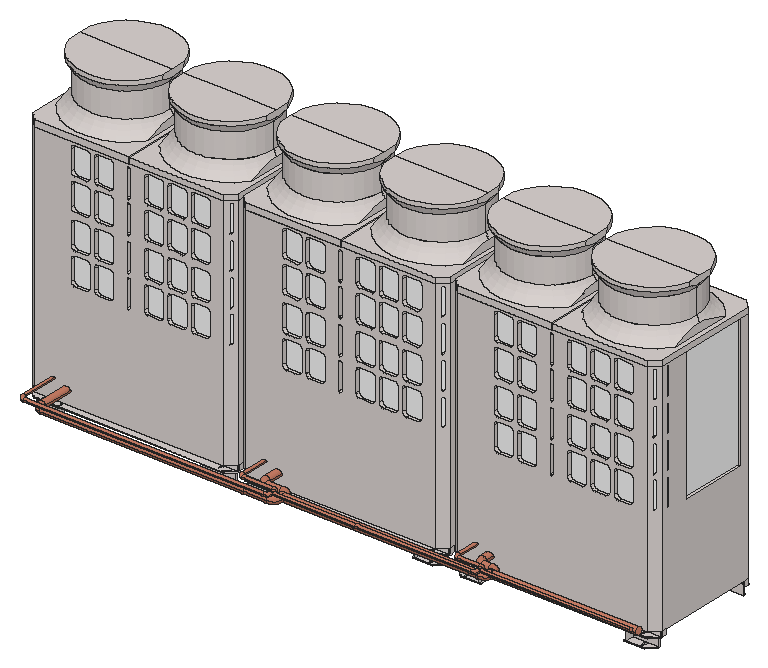
Revit family "PUHY-EP1200YSNW-A", category Mechanical Equipment, Revit 2012
Parameters (values of type "PUHY-EP1200YSNW-A_415V_60Hz")
  Sound Pressure Level (dB(A)) Heating mode = 70.5
  Sound Pressure Level (dB(A)) Cooling mode = 70
  Model = "PUHY-EP1200YSNW-A"
  Width = 3780 mm
  WarrantyStart = ""
  Voltage = 415 V
  Unit Weight (kg) = 915
  URL = "http://www.mitsubishielectric.com/"
  Temp. range of heating (Outdoor temp.) (W.B.) = "-20.0 to 15.5"
  Temp. range of heating (Indoor temp.) (D.B.) = "15.0 to 27.0"
  TagNumber = 0
  Subcategory = "HVAC"
  Space View = yes
  SerialNumber = 0
  ReplacementYear = ""
  Refrigerant type = "R410A"
  Refrigerant Charge (kg) = 32.4
  Protection Devices_Inverter circuit (COMP./FAN) = "Over-heat protection, Over-current protection"
  Protection Devices_High pressure (MPa) = "High pressure sensor, High pressure switch at 4.15"
  Phase = 3
  Manufacturer = "Mitsubishi Electric Corporation"
  Outdoor unit 3 = PUHY-EP400YNW-A : PUHY-EP400YNW-A
  Outdoor unit 2 = PUHY-EP400YNW-A : PUHY-EP400YNW-A
  Outdoor unit 1 = PUHY-EP400YNW-A : PUHY-EP400YNW-A
  Note_1 = "Refrigerant pipe diameters may change depending on the installation condition. Please refer to the installation manual."
  Maximum Circuit Ampacity (A) = 84.6
  Liquid pipe_radius = 9.525 mm
  InstallationDate = ""
  Indoor Unit Total Capacity = "50 to 130% of outdoor unit capacity"
  Indoor Unit Model/Quantity = "P15 to P250/3 to 50"
  Hertz = 60 Hz
  Height = 1858 mm
  Heating Power Input (kW) = 38.34
  Heating Current (A) = 59.2
  Heating Capacity (kW) = 150
  Heating COP (kW/kW) = 3.91
  Gas pipe_radius = 20.64 mm
  Fan_Type = "Propeller Fan"
  Fan_Quantity = 6
  Fan Motor Output (kW) = 2.76
  External static pressure (Pa) = 0
  External Finish = "Pre-coated galvanized steel sheets (+powder coating for -BS type) <MUNSELL 5Y 8/1 or similar>"
  Equip_description = ""
  Equip_No. = 0
  Equip_ID = ""
  Description = ""
  Depth = 740 mm
  CreatedOn = ""
  CreatedBy = ""
  Cooling Power Input (kW) = 32.58
  Cooling EER (kW/kW) = 4.17
  Cooling Current (A) = 50.3
  Cooling Capacity (kW) = 136
  Compressor_Type = "Inverter scroll hermetic compressor"
  Compressor_Quantity = 3
  Compressor_Lubricant = "MEL32"
  Compressor Motor Output (kW) = 32.7
  Category = ""
  Barcode = ""
  AssetIdentifier = ""
  Airflow Rate (m3/min) = 810
  Airflow Rate (m3/h) = 48600
Reference planes
  plane 1 "Center (Front/Back)": y = 0
  plane 2: z = 0
  plane 3 "Center (Left/Right)": x = 0
  plane 4: y = 370
  plane 5 "front": y = -370
  plane 6: x = -1890
  plane 7: x = 1890
  plane 8: x = -620
  plane 9: x = 620
  plane 10: x = -650
  plane 11: x = 650
  plane 12: y = 370
  plane 13: y = -370
  plane 14: z = 1858
  plane 15: x = -1647
  plane 16: x = -1730.603
  plane 17: x = -377
  plane 18: x = -460
  plane 19: x = 893
  plane 20: x = 810
Forms (mm)
  Sweep 1, solid, material "Copper"
    path origin (-51.563, 17.925, 207.255) x (0, -1, 0) y (1, 0, 0)
      loop
        line (380, -1679.039) -> (605, -1679.039)
        arc (605, -1679.039) -> (626.213, -1670.253) -> (635, -1649.039) r 30
        line (635, -1649.039) -> (635, -208.337)
        arc (635, -208.337) -> (629.142, -194.195) -> (615, -188.337) r 20
        line (615, -188.337) -> (590, -188.337)
        arc (590, -188.337) -> (575.858, -194.195) -> (570, -208.337) r 20
        line (570, -208.337) -> (570, -388.437)
        arc (570, -388.437) -> (564.142, -402.579) -> (550, -408.437) r 20
        line (550, -408.437) -> (380, -408.437)
    profile origin (-1730.603, -474.575, 207.255) x (1, 0, 0) y (0, 0, 1)
      loop
        circle (0, 0) r 9.525
  Sweep 2, solid, material "Copper"
    path origin (-48.859, 17.925, 173.255) x (-1, 0, 0) y (0, -1, 0)
      loop
        line (1598.141, 380) -> (1598.141, 575)
        arc (1598.141, 575) -> (1587.889, 599.749) -> (1563.141, 610) r 35
        line (1563.141, 610) -> (342, 610) -> (204.723, 610)
        arc (204.723, 610) -> (179.974, 599.749) -> (169.723, 575) r 35
        line (169.723, 575) -> (169.723, 545)
        arc (169.723, 545) -> (179.974, 520.251) -> (204.723, 510) r 35
        line (204.723, 510) -> (293.141, 510)
        arc (293.141, 510) -> (317.889, 499.749) -> (328.141, 475) r 35
        line (328.141, 475) -> (328.141, 380)
    profile origin (-1647, -459.575, 173.255) x (1, 0, 0) y (0, 0, 1)
      loop
        circle (0, 0) r 20.64
  Sweep 3, solid, material "Copper"
    path origin (214.685, 17.925, 207.255) x (0, -1, 0) y (1, 0, 0)
      loop
        line (605, -448.702) -> (605, 51.298) -> (605, 745.315)
        arc (605, 745.315) -> (599.142, 759.457) -> (585, 765.315) r 20
        line (585, 765.315) -> (560.96, 765.315)
        arc (560.96, 765.315) -> (546.818, 759.457) -> (540.96, 745.315) r 20
        line (540.96, 745.315) -> (540.96, 615.315)
        arc (540.96, 615.315) -> (535.102, 601.172) -> (520.96, 595.315) r 20
        line (520.96, 595.315) -> (380, 595.315)
    profile origin (15.984, -587.075, 207.255) x (0, 1, 0) y (0, 0, 1)
      loop
        circle (0, 0) r 9.525
  Sweep 4, solid, material "Copper"
    path origin (188.125, 17.925, 173.255) x (-1, 0, 0) y (0, -1, 0)
      loop
        line (395.125, 555.96) -> (-784.875, 555.96)
        arc (-784.875, 555.96) -> (-809.623, 545.709) -> (-819.875, 520.96) r 35
        line (-819.875, 520.96) -> (-819.875, 510)
        arc (-819.875, 510) -> (-809.623, 485.251) -> (-784.875, 475) r 35
        line (-784.875, 475) -> (-739.875, 475)
        arc (-739.875, 475) -> (-715.126, 464.749) -> (-704.875, 440) r 35
        line (-704.875, 440) -> (-704.875, 380)
    profile origin (383, -538.035, 173.255) x (0, 1, 0) y (0, 0, 1)
      loop
        circle (0, 0) r 20.64
  Sweep 5, solid, material "Copper"
    path origin (114.685, 17.925, 207.255) x (0, -1, 0) y (1, 0, 0)
      loop
        line (572.806, 870.315) -> (572.806, 1775.315)
    profile origin (1437.5, -554.881, 207.255) x (0, 1, 0) y (0, 0, 1)
      loop
        circle (0, 0) r 9.525
  Sweep 6, solid, material "Copper"
    path origin (88.125, 17.925, 173.255) x (-1, 0, 0) y (0, -1, 0)
      loop
        line (-921.875, 515.995) -> (-1801.875, 515.995)
    profile origin (1450, -498.07, 173.255) x (0, 1, 0) y (0, 0, 1)
      loop
        circle (0, 0) r 20.64
Dimensions and locks
  nested 2 to nested 1 = 30 mm
  nested 1 to nested 1 = 1240 mm
  nested 2 to nested 2 = 1240 mm
  plane 6 to plane 3 "Center (Left/Right)" to plane 7 = 1890 mm, 1890 mm
  "Liquid pipe_radius": radius of Sweep 5 sketch curve
  "Gas pipe_radius": radius of Sweep 6 sketch curve
  aligned and locked: level to plane 2
Automatic sketch dimensions
  Sweep 1 sketch curve to plane 5 "front" = 7.925 mm  (x2)
  plane 5 "front" to Sweep 1 sketch curve = 162.075 mm
  Sweep 1 sketch curve to plane 3 "Center (Left/Right)" = 259.9 mm
  Sweep 1 sketch curve to Sweep 1 sketch curve = 20 mm
  Sweep 1 sketch curve to plane 3 "Center (Left/Right)" = 239.9 mm
  plane 5 "front" to Sweep 1 sketch curve = 217.075 mm
  Sweep 1 sketch curve to Sweep 1 sketch curve = 25 mm
  Sweep 1 sketch curve to Sweep 1 sketch curve = 30 mm
  Sweep 1 sketch curve to plane 3 "Center (Left/Right)" = 440 mm
  profile plane to Sweep 1 sketch curve = 0 mm
  Sweep 1 sketch curve to profile plane = 0 mm
  Sweep 2 sketch curve to plane 3 "Center (Left/Right)" = 218.582 mm
  Sweep 2 sketch curve to plane 3 "Center (Left/Right)" = 253.582 mm  (x2)
  Sweep 2 sketch curve to plane 3 "Center (Left/Right)" = 342 mm
  Sweep 2 sketch curve to plane 3 "Center (Left/Right)" = 390.859 mm
  Sweep 2 sketch curve to Sweep 2 sketch curve = 35 mm  (x2)
  plane 5 "front" to Sweep 2 sketch curve = 222.075 mm
  Sweep 2 sketch curve to Sweep 2 sketch curve = 30 mm
  Sweep 2 sketch curve to plane 5 "front" = 7.925 mm  (x2)
  profile plane to Sweep 2 sketch curve = 0 mm
  Sweep 2 sketch curve to profile plane = 0 mm
  Sweep 3 sketch curve to profile plane = 0 mm  (x2)
  Sweep 4 sketch curve to profile plane = 0 mm  (x2)
  Sweep 5 sketch curve to profile plane = 0 mm  (x2)
  Sweep 6 sketch curve to profile plane = 0 mm  (x2)
  Sweep 1 sketch curve to Sweep 1 sketch curve = 1240.603 mm
  Sweep 2 sketch curve to Sweep 2 sketch curve = 1235 mm
  Sweep 3 sketch curve to plane 20 = 0 mm
  Sweep 3 sketch curve to plane 5 "front" = 7.925 mm
  plane 20 to Sweep 3 sketch curve = 20 mm
  plane 5 "front" to Sweep 3 sketch curve = 133.035 mm
  Sweep 3 sketch curve to Sweep 3 sketch curve = 20 mm
  Sweep 3 sketch curve to Sweep 3 sketch curve = 24.04 mm
  plane 5 "front" to Sweep 3 sketch curve = 217.075 mm
  plane 3 "Center (Left/Right)" to Sweep 3 sketch curve = 265.984 mm
  plane 17 to Sweep 3 sketch curve = 142.984 mm
  plane 19 to Sweep 3 sketch curve = 67 mm
  Sweep 4 sketch curve to plane 19 = 0 mm
  plane 19 to Sweep 4 sketch curve = 35 mm
  Sweep 4 sketch curve to Sweep 4 sketch curve = 45 mm
  Sweep 4 sketch curve to Sweep 4 sketch curve = 0 mm
  Sweep 4 sketch curve to Sweep 4 sketch curve = 35 mm
  plane 17 to Sweep 4 sketch curve = 170 mm
  Sweep 4 sketch curve to plane 5 "front" = 7.925 mm
  plane 5 "front" to Sweep 4 sketch curve = 52.075 mm
  Sweep 4 sketch curve to Sweep 4 sketch curve = 10.96 mm
  Sweep 6 sketch curve to plane 7 = 0 mm
  plane 19 to Sweep 6 sketch curve = 117 mm
  plane 5 "front" to Sweep 6 sketch curve = 128.07 mm
  Sweep 5 sketch curve to plane 7 = 0 mm
  plane 5 "front" to Sweep 5 sketch curve = 184.881 mm
  plane 19 to Sweep 5 sketch curve = 92 mm
  radius of Sweep 1 sketch curve = 9.525 mm
  radius of Sweep 2 sketch curve = 20.64 mm
  radius of Sweep 3 sketch curve = 9.525 mm
  radius of Sweep 4 sketch curve = 20.64 mm
Nested families
  nested 1: "PUHY-EP400YNW-A" at (0, 0, 0), type <- "Outdoor unit 2", type "PUHY-EP400YNW-A"
  nested 2: "PUHY-EP400YNW-A" at (-1270, 0, 0), type <- "Outdoor unit 1", type "PUHY-EP400YNW-A"
  nested 3: "PUHY-EP400YNW-A" at (1270, 0, 0), type <- "Outdoor unit 3", type "PUHY-EP400YNW-A"
Connectors
  piping at (1890, -498.07, 173.255), driven by "Gas pipe_radius"
    settings: on Sweep 6, index 1, connector radius 20.64 mm, flow factor 0, pipe flow 0.0 L/s, pressure drop 0.0 Pa, fitting loss kfactor 0, connector angle 0.00°, fixture units 0, engagement length 0 mm, flow configuration 0, flow direction 0, fitting loss method 0, system type 22, joint type 0, gender type 0, connector reference index -1, connector utility 0, adjustable connector no, is connector primary yes, fitting loss table "", connector description "Indoor unit-Twinning pipe(Gas)"
  piping at (1890, -554.881, 207.255), driven by "Liquid pipe_radius"
    settings: on Sweep 5, index 2, connector radius 9.525 mm, flow factor 0, pipe flow 0.0 L/s, pressure drop 0.0 Pa, fitting loss kfactor 0, connector angle 0.00°, fixture units 0, engagement length 0 mm, flow configuration 0, flow direction 0, fitting loss method 0, system type 22, joint type 0, gender type 0, connector reference index -1, connector utility 0, adjustable connector no, is connector primary no, fitting loss table "", connector description "Indoor unit-Twinning pipe(Liquid)"
  electrical at (992, -370, 279), driven by "Phase", driven by "Voltage"
    settings: index 3, voltage 415 V, apparent load 0 VA, apparent load phase1 0 VA, apparent load phase2 0 VA, apparent load phase3 0 VA, power factor 1, load classification "その他", number of poles 3, system type 30, power factor state 1, is connector primary yes, connector utility no, sub classification motor no, connector description ""
  electrical at (-258, -370, 279), driven by "Phase", driven by "Voltage"
    settings: index 4, voltage 415 V, apparent load 0 VA, apparent load phase1 0 VA, apparent load phase2 0 VA, apparent load phase3 0 VA, power factor 1, load classification "その他", number of poles 3, system type 30, power factor state 1, is connector primary no, connector utility no, sub classification motor no, connector description ""
  electrical at (-1508, -370, 279), driven by "Phase", driven by "Voltage"
    settings: index 5, voltage 415 V, apparent load 0 VA, apparent load phase1 0 VA, apparent load phase2 0 VA, apparent load phase3 0 VA, power factor 1, load classification "その他", number of poles 3, system type 30, power factor state 1, is connector primary no, connector utility no, sub classification motor no, connector description ""
Definition of nested family "PUHY-EP400YNW-A"
  Parameters (values of type "PUHY-P400YNW-A")
    Model = "PUHY-P400YNW-A"
    URL = "http://www.mitsubishielectric.com/"
    Manufacturer = "Mitsubishi Electric Corporation"
    Liquid pipe_radius = 12.7 mm
    Gas pipe_radius = 14.29 mm
  Reference planes
    plane 1 "Center (Front/Back)": y = 0
    plane 2: z = 0
    plane 3 "Center (Left/Right)": x = 0
    plane 4: y = 370
    plane 5: z = 1858
    plane 6: y = -260
    plane 7: y = -204
    plane 8: y = -185
    plane 9: x = -620
    plane 10: x = 620
    plane 11: x = -620
    plane 12: z = 716
    plane 13: x = -524
    plane 14: z = 669
    plane 15: x = -50.5
    plane 16: x = 51
    plane 17: x = 489
    plane 18: x = 467
    plane 19 "132": x = 488
    plane 20 "100": z = 160
    plane 21: z = 185
    plane 22: x = 413
    plane 23: x = 364
    plane 24: z = 150
    plane 25: x = -287.25
    plane 26: x = -137.25
    plane 27: x = -272.25
    plane 28: y = -278
    plane 29: z = 1509
    plane 30: y = -370
    plane 31: x = -530
    plane 32: x = 530
    plane 33 "179": y = -191
  Forms (mm)
    Extrusion 1, solid, material "Paint_5Y 8/1"
      sketch origin (-1, 0, 113) x (-1, 0, 0) y (0, -1, 0)
        loop
          line (569, -370) -> (619, -320) -> (619, 320) -> (569, 370) -> (-571, 370) -> (-621, 320) -> (-621, -320) -> (-571, -370) -> (569, -370)
      from -18 to 1408
    Extrusion 2, void
      sketch origin (524, -370, 113) x (1, 0, 0) y (0, 0, -1)
        loop
          arc (-60.8, -1393.5) -> (-42.557, -1385.943) -> (-35, -1367.7) r 25.8
          line (-35, -1367.7) -> (-35, -1248.5)
          arc (-35, -1248.5) -> (-42.557, -1230.257) -> (-60.8, -1222.7) r 25.8
          line (-60.8, -1222.7) -> (-126, -1222.7)
          arc (-126, -1222.7) -> (-144.243, -1230.257) -> (-151.8, -1248.5) r 25.8
          line (-151.8, -1248.5) -> (-151.8, -1367.7)
          arc (-151.8, -1367.7) -> (-144.243, -1385.943) -> (-126, -1393.5) r 25.8
          line (-126, -1393.5) -> (-60.8, -1393.5)
      from 0 to 20
    Extrusion 3, void
      sketch origin (524, -370, -81) x (1, 0, 0) y (0, 0, -1)
        loop
          arc (-60.8, -1393.5) -> (-42.557, -1385.943) -> (-35, -1367.7) r 25.8
          line (-35, -1367.7) -> (-35, -1248.5)
          arc (-35, -1248.5) -> (-42.557, -1230.257) -> (-60.8, -1222.7) r 25.8
          line (-60.8, -1222.7) -> (-126, -1222.7)
          arc (-126, -1222.7) -> (-144.243, -1230.257) -> (-151.8, -1248.5) r 25.8
          line (-151.8, -1248.5) -> (-151.8, -1367.7)
          arc (-151.8, -1367.7) -> (-144.243, -1385.943) -> (-126, -1393.5) r 25.8
          line (-126, -1393.5) -> (-60.8, -1393.5)
      from 0 to 20
    Extrusion 4, void
      sketch origin (524, -370, -287) x (1, 0, 0) y (0, 0, -1)
        loop
          arc (-60.8, -1393.5) -> (-42.557, -1385.943) -> (-35, -1367.7) r 25.8
          line (-35, -1367.7) -> (-35, -1248.5)
          arc (-35, -1248.5) -> (-42.557, -1230.257) -> (-60.8, -1222.7) r 25.8
          line (-60.8, -1222.7) -> (-126, -1222.7)
          arc (-126, -1222.7) -> (-144.243, -1230.257) -> (-151.8, -1248.5) r 25.8
          line (-151.8, -1248.5) -> (-151.8, -1367.7)
          arc (-151.8, -1367.7) -> (-144.243, -1385.943) -> (-126, -1393.5) r 25.8
          line (-126, -1393.5) -> (-60.8, -1393.5)
      from 0 to 20
    Extrusion 5, void
      sketch origin (524, -370, -481) x (1, 0, 0) y (0, 0, -1)
        loop
          arc (-60.8, -1393.5) -> (-42.557, -1385.943) -> (-35, -1367.7) r 25.8
          line (-35, -1367.7) -> (-35, -1248.5)
          arc (-35, -1248.5) -> (-42.557, -1230.257) -> (-60.8, -1222.7) r 25.8
          line (-60.8, -1222.7) -> (-126, -1222.7)
          arc (-126, -1222.7) -> (-144.243, -1230.257) -> (-151.8, -1248.5) r 25.8
          line (-151.8, -1248.5) -> (-151.8, -1367.7)
          arc (-151.8, -1367.7) -> (-144.243, -1385.943) -> (-126, -1393.5) r 25.8
          line (-126, -1393.5) -> (-60.8, -1393.5)
      from 0 to 20
    Extrusion 6, void
      sketch origin (384, -370, 113) x (1, 0, 0) y (0, 0, -1)
        loop
          arc (-60.8, -1393.5) -> (-42.557, -1385.943) -> (-35, -1367.7) r 25.8
          line (-35, -1367.7) -> (-35, -1248.5)
          arc (-35, -1248.5) -> (-42.557, -1230.257) -> (-60.8, -1222.7) r 25.8
          line (-60.8, -1222.7) -> (-126, -1222.7)
          arc (-126, -1222.7) -> (-144.243, -1230.257) -> (-151.8, -1248.5) r 25.8
          line (-151.8, -1248.5) -> (-151.8, -1367.7)
          arc (-151.8, -1367.7) -> (-144.243, -1385.943) -> (-126, -1393.5) r 25.8
          line (-126, -1393.5) -> (-60.8, -1393.5)
      from 0 to 20
    Extrusion 7, void
      sketch origin (384, -370, -81) x (1, 0, 0) y (0, 0, -1)
        loop
          arc (-60.8, -1393.5) -> (-42.557, -1385.943) -> (-35, -1367.7) r 25.8
          line (-35, -1367.7) -> (-35, -1248.5)
          arc (-35, -1248.5) -> (-42.557, -1230.257) -> (-60.8, -1222.7) r 25.8
          line (-60.8, -1222.7) -> (-126, -1222.7)
          arc (-126, -1222.7) -> (-144.243, -1230.257) -> (-151.8, -1248.5) r 25.8
          line (-151.8, -1248.5) -> (-151.8, -1367.7)
          arc (-151.8, -1367.7) -> (-144.243, -1385.943) -> (-126, -1393.5) r 25.8
          line (-126, -1393.5) -> (-60.8, -1393.5)
      from 0 to 20
    Extrusion 8, void
      sketch origin (384, -370, -287) x (1, 0, 0) y (0, 0, -1)
        loop
          arc (-60.8, -1393.5) -> (-42.557, -1385.943) -> (-35, -1367.7) r 25.8
          line (-35, -1367.7) -> (-35, -1248.5)
          arc (-35, -1248.5) -> (-42.557, -1230.257) -> (-60.8, -1222.7) r 25.8
          line (-60.8, -1222.7) -> (-126, -1222.7)
          arc (-126, -1222.7) -> (-144.243, -1230.257) -> (-151.8, -1248.5) r 25.8
          line (-151.8, -1248.5) -> (-151.8, -1367.7)
          arc (-151.8, -1367.7) -> (-144.243, -1385.943) -> (-126, -1393.5) r 25.8
          line (-126, -1393.5) -> (-60.8, -1393.5)
      from 0 to 20
    Extrusion 9, void
      sketch origin (384, -370, -481) x (1, 0, 0) y (0, 0, -1)
        loop
          arc (-60.8, -1393.5) -> (-42.557, -1385.943) -> (-35, -1367.7) r 25.8
          line (-35, -1367.7) -> (-35, -1248.5)
          arc (-35, -1248.5) -> (-42.557, -1230.257) -> (-60.8, -1222.7) r 25.8
          line (-60.8, -1222.7) -> (-126, -1222.7)
          arc (-126, -1222.7) -> (-144.243, -1230.257) -> (-151.8, -1248.5) r 25.8
          line (-151.8, -1248.5) -> (-151.8, -1367.7)
          arc (-151.8, -1367.7) -> (-144.243, -1385.943) -> (-126, -1393.5) r 25.8
          line (-126, -1393.5) -> (-60.8, -1393.5)
      from 0 to 20
    Extrusion 10, void
      sketch origin (244, -370, 113) x (1, 0, 0) y (0, 0, -1)
        loop
          arc (-60.8, -1393.5) -> (-42.557, -1385.943) -> (-35, -1367.7) r 25.8
          line (-35, -1367.7) -> (-35, -1248.5)
          arc (-35, -1248.5) -> (-42.557, -1230.257) -> (-60.8, -1222.7) r 25.8
          line (-60.8, -1222.7) -> (-126, -1222.7)
          arc (-126, -1222.7) -> (-144.243, -1230.257) -> (-151.8, -1248.5) r 25.8
          line (-151.8, -1248.5) -> (-151.8, -1367.7)
          arc (-151.8, -1367.7) -> (-144.243, -1385.943) -> (-126, -1393.5) r 25.8
          line (-126, -1393.5) -> (-60.8, -1393.5)
      from 0 to 20
    Extrusion 11, void
      sketch origin (244, -370, -81) x (1, 0, 0) y (0, 0, -1)
        loop
          arc (-60.8, -1393.5) -> (-42.557, -1385.943) -> (-35, -1367.7) r 25.8
          line (-35, -1367.7) -> (-35, -1248.5)
          arc (-35, -1248.5) -> (-42.557, -1230.257) -> (-60.8, -1222.7) r 25.8
          line (-60.8, -1222.7) -> (-126, -1222.7)
          arc (-126, -1222.7) -> (-144.243, -1230.257) -> (-151.8, -1248.5) r 25.8
          line (-151.8, -1248.5) -> (-151.8, -1367.7)
          arc (-151.8, -1367.7) -> (-144.243, -1385.943) -> (-126, -1393.5) r 25.8
          line (-126, -1393.5) -> (-60.8, -1393.5)
      from 0 to 20
    Extrusion 12, void
      sketch origin (244, -370, -287) x (1, 0, 0) y (0, 0, -1)
        loop
          arc (-60.8, -1393.5) -> (-42.557, -1385.943) -> (-35, -1367.7) r 25.8
          line (-35, -1367.7) -> (-35, -1248.5)
          arc (-35, -1248.5) -> (-42.557, -1230.257) -> (-60.8, -1222.7) r 25.8
          line (-60.8, -1222.7) -> (-126, -1222.7)
          arc (-126, -1222.7) -> (-144.243, -1230.257) -> (-151.8, -1248.5) r 25.8
          line (-151.8, -1248.5) -> (-151.8, -1367.7)
          arc (-151.8, -1367.7) -> (-144.243, -1385.943) -> (-126, -1393.5) r 25.8
          line (-126, -1393.5) -> (-60.8, -1393.5)
      from 0 to 20
    Extrusion 13, void
      sketch origin (244, -370, -481) x (1, 0, 0) y (0, 0, -1)
        loop
          arc (-60.8, -1393.5) -> (-42.557, -1385.943) -> (-35, -1367.7) r 25.8
          line (-35, -1367.7) -> (-35, -1248.5)
          arc (-35, -1248.5) -> (-42.557, -1230.257) -> (-60.8, -1222.7) r 25.8
          line (-60.8, -1222.7) -> (-126, -1222.7)
          arc (-126, -1222.7) -> (-144.243, -1230.257) -> (-151.8, -1248.5) r 25.8
          line (-151.8, -1248.5) -> (-151.8, -1367.7)
          arc (-151.8, -1367.7) -> (-144.243, -1385.943) -> (-126, -1393.5) r 25.8
          line (-126, -1393.5) -> (-60.8, -1393.5)
      from 0 to 20
    Extrusion 14, void
      sketch origin (-56, -370, 113) x (1, 0, 0) y (0, 0, -1)
        loop
          arc (-60.8, -1393.5) -> (-42.557, -1385.943) -> (-35, -1367.7) r 25.8
          line (-35, -1367.7) -> (-35, -1248.5)
          arc (-35, -1248.5) -> (-42.557, -1230.257) -> (-60.8, -1222.7) r 25.8
          line (-60.8, -1222.7) -> (-126, -1222.7)
          arc (-126, -1222.7) -> (-144.243, -1230.257) -> (-151.8, -1248.5) r 25.8
          line (-151.8, -1248.5) -> (-151.8, -1367.7)
          arc (-151.8, -1367.7) -> (-144.243, -1385.943) -> (-126, -1393.5) r 25.8
          line (-126, -1393.5) -> (-60.8, -1393.5)
      from 0 to 20
    Extrusion 15, void
      sketch origin (-56, -370, -81) x (1, 0, 0) y (0, 0, -1)
        loop
          arc (-60.8, -1393.5) -> (-42.557, -1385.943) -> (-35, -1367.7) r 25.8
          line (-35, -1367.7) -> (-35, -1248.5)
          arc (-35, -1248.5) -> (-42.557, -1230.257) -> (-60.8, -1222.7) r 25.8
          line (-60.8, -1222.7) -> (-126, -1222.7)
          arc (-126, -1222.7) -> (-144.243, -1230.257) -> (-151.8, -1248.5) r 25.8
          line (-151.8, -1248.5) -> (-151.8, -1367.7)
          arc (-151.8, -1367.7) -> (-144.243, -1385.943) -> (-126, -1393.5) r 25.8
          line (-126, -1393.5) -> (-60.8, -1393.5)
      from 0 to 20
    Extrusion 16, void
      sketch origin (-56, -370, -287) x (1, 0, 0) y (0, 0, -1)
        loop
          arc (-60.8, -1393.5) -> (-42.557, -1385.943) -> (-35, -1367.7) r 25.8
          line (-35, -1367.7) -> (-35, -1248.5)
          arc (-35, -1248.5) -> (-42.557, -1230.257) -> (-60.8, -1222.7) r 25.8
          line (-60.8, -1222.7) -> (-126, -1222.7)
          arc (-126, -1222.7) -> (-144.243, -1230.257) -> (-151.8, -1248.5) r 25.8
          line (-151.8, -1248.5) -> (-151.8, -1367.7)
          arc (-151.8, -1367.7) -> (-144.243, -1385.943) -> (-126, -1393.5) r 25.8
          line (-126, -1393.5) -> (-60.8, -1393.5)
      from 0 to 20
    Extrusion 17, void
      sketch origin (-56, -370, -481) x (1, 0, 0) y (0, 0, -1)
        loop
          arc (-60.8, -1393.5) -> (-42.557, -1385.943) -> (-35, -1367.7) r 25.8
          line (-35, -1367.7) -> (-35, -1248.5)
          arc (-35, -1248.5) -> (-42.557, -1230.257) -> (-60.8, -1222.7) r 25.8
          line (-60.8, -1222.7) -> (-126, -1222.7)
          arc (-126, -1222.7) -> (-144.243, -1230.257) -> (-151.8, -1248.5) r 25.8
          line (-151.8, -1248.5) -> (-151.8, -1367.7)
          arc (-151.8, -1367.7) -> (-144.243, -1385.943) -> (-126, -1393.5) r 25.8
          line (-126, -1393.5) -> (-60.8, -1393.5)
      from 0 to 20
    Extrusion 18, void
      sketch origin (-196, -370, 113) x (1, 0, 0) y (0, 0, -1)
        loop
          arc (-60.8, -1393.5) -> (-42.557, -1385.943) -> (-35, -1367.7) r 25.8
          line (-35, -1367.7) -> (-35, -1248.5)
          arc (-35, -1248.5) -> (-42.557, -1230.257) -> (-60.8, -1222.7) r 25.8
          line (-60.8, -1222.7) -> (-126, -1222.7)
          arc (-126, -1222.7) -> (-144.243, -1230.257) -> (-151.8, -1248.5) r 25.8
          line (-151.8, -1248.5) -> (-151.8, -1367.7)
          arc (-151.8, -1367.7) -> (-144.243, -1385.943) -> (-126, -1393.5) r 25.8
          line (-126, -1393.5) -> (-60.8, -1393.5)
      from 0 to 20
    Extrusion 19, void
      sketch origin (-196, -370, -81) x (1, 0, 0) y (0, 0, -1)
        loop
          arc (-60.8, -1393.5) -> (-42.557, -1385.943) -> (-35, -1367.7) r 25.8
          line (-35, -1367.7) -> (-35, -1248.5)
          arc (-35, -1248.5) -> (-42.557, -1230.257) -> (-60.8, -1222.7) r 25.8
          line (-60.8, -1222.7) -> (-126, -1222.7)
          arc (-126, -1222.7) -> (-144.243, -1230.257) -> (-151.8, -1248.5) r 25.8
          line (-151.8, -1248.5) -> (-151.8, -1367.7)
          arc (-151.8, -1367.7) -> (-144.243, -1385.943) -> (-126, -1393.5) r 25.8
          line (-126, -1393.5) -> (-60.8, -1393.5)
      from 0 to 20
    Extrusion 20, void
      sketch origin (-196, -370, -287) x (1, 0, 0) y (0, 0, -1)
        loop
          arc (-60.8, -1393.5) -> (-42.557, -1385.943) -> (-35, -1367.7) r 25.8
          line (-35, -1367.7) -> (-35, -1248.5)
          arc (-35, -1248.5) -> (-42.557, -1230.257) -> (-60.8, -1222.7) r 25.8
          line (-60.8, -1222.7) -> (-126, -1222.7)
          arc (-126, -1222.7) -> (-144.243, -1230.257) -> (-151.8, -1248.5) r 25.8
          line (-151.8, -1248.5) -> (-151.8, -1367.7)
          arc (-151.8, -1367.7) -> (-144.243, -1385.943) -> (-126, -1393.5) r 25.8
          line (-126, -1393.5) -> (-60.8, -1393.5)
      from 0 to 20
    Extrusion 21, void
      sketch origin (-196, -370, -481) x (1, 0, 0) y (0, 0, -1)
        loop
          arc (-60.8, -1393.5) -> (-42.557, -1385.943) -> (-35, -1367.7) r 25.8
          line (-35, -1367.7) -> (-35, -1248.5)
          arc (-35, -1248.5) -> (-42.557, -1230.257) -> (-60.8, -1222.7) r 25.8
          line (-60.8, -1222.7) -> (-126, -1222.7)
          arc (-126, -1222.7) -> (-144.243, -1230.257) -> (-151.8, -1248.5) r 25.8
          line (-151.8, -1248.5) -> (-151.8, -1367.7)
          arc (-151.8, -1367.7) -> (-144.243, -1385.943) -> (-126, -1393.5) r 25.8
          line (-126, -1393.5) -> (-60.8, -1393.5)
      from 0 to 20
    Extrusion 22, void
      sketch origin (620, 320, 113) x (0, 1, 0) y (0, 0, -1)
        loop
          line (-462.3, -1408) -> (-50.8, -1408) -> (-50.8, -612) -> (-462.3, -612) -> (-462.3, -1408)
      from 0 to 20
    Extrusion 23, void
      sketch origin (-620, -320, 113) x (0, -1, 0) y (0, 0, -1)
        loop
          line (-535.7, -1408) -> (-207.7, -1408) -> (-207.7, -592) -> (-535.7, -592) -> (-535.7, -1408)
      from 0 to 20
    Extrusion 24, void
      sketch origin (194.892, 370, 113) x (-1, 0, 0) y (0, 0, -1)
        loop
          arc (204.892, -1225.013) -> (194.892, -1215.013) -> (184.892, -1225.013) r 10
          line (184.892, -1225.013) -> (184.892, -1379.987)
          arc (184.892, -1379.987) -> (194.892, -1389.987) -> (204.892, -1379.987) r 10
          line (204.892, -1379.987) -> (204.892, -1225.013)
        loop
          arc (204.892, -1031.013) -> (194.892, -1021.013) -> (184.892, -1031.013) r 10
          line (184.892, -1031.013) -> (184.892, -1185.987)
          arc (184.892, -1185.987) -> (194.892, -1195.987) -> (204.892, -1185.987) r 10
          line (204.892, -1185.987) -> (204.892, -1031.013)
        loop
          arc (204.892, -825.013) -> (194.892, -815.013) -> (184.892, -825.013) r 10
          line (184.892, -825.013) -> (184.892, -979.987)
          arc (184.892, -979.987) -> (194.892, -989.987) -> (204.892, -979.987) r 10
          line (204.892, -979.987) -> (204.892, -825.013)
        loop
          arc (204.892, -631.013) -> (194.892, -621.013) -> (184.892, -631.013) r 10
          line (184.892, -631.013) -> (184.892, -785.987)
          arc (184.892, -785.987) -> (194.892, -795.987) -> (204.892, -785.987) r 10
          line (204.892, -785.987) -> (204.892, -631.013)
      from 0 to 20
    Extrusion 25, void
      sketch origin (-570, 370, 113) x (0.707107, 0.707107, 0) y (0, 0, 1)
        loop
          arc (-45.355, 1236) -> (-35.355, 1226) -> (-25.355, 1236) r 10
          line (-25.355, 1236) -> (-25.355, 1386)
          arc (-25.355, 1386) -> (-35.355, 1396) -> (-45.355, 1386) r 10
          line (-45.355, 1386) -> (-45.355, 1236)
        loop
          arc (-45.355, 1036) -> (-35.355, 1026) -> (-25.355, 1036) r 10
          line (-25.355, 1036) -> (-25.355, 1186)
          arc (-25.355, 1186) -> (-35.355, 1196) -> (-45.355, 1186) r 10
          line (-45.355, 1186) -> (-45.355, 1036)
        loop
          arc (-45.355, 836) -> (-35.355, 826) -> (-25.355, 836) r 10
          line (-25.355, 836) -> (-25.355, 986)
          arc (-25.355, 986) -> (-35.355, 996) -> (-45.355, 986) r 10
          line (-45.355, 986) -> (-45.355, 836)
        loop
          arc (-45.355, 641) -> (-35.355, 631) -> (-25.355, 641) r 10
          line (-25.355, 641) -> (-25.355, 791)
          arc (-25.355, 791) -> (-35.355, 801) -> (-45.355, 791) r 10
          line (-45.355, 791) -> (-45.355, 641)
      from 0 to 20
    Extrusion 26, void
      sketch origin (-620, -320, 113) x (0, -1, 0) y (0, 0, -1)
        loop
          line (-607.846, -1035.895) -> (-607.846, -1186.105)
          arc (-607.846, -1186.105) -> (-597.846, -1196.105) -> (-587.846, -1186.105) r 10
          line (-587.846, -1186.105) -> (-587.846, -1035.895)
          arc (-587.846, -1035.895) -> (-597.846, -1025.895) -> (-607.846, -1035.895) r 10
        loop
          line (-607.846, -835.895) -> (-607.846, -986.105)
          arc (-607.846, -986.105) -> (-597.846, -996.105) -> (-587.846, -986.105) r 10
          line (-587.846, -986.105) -> (-587.846, -835.895)
          arc (-587.846, -835.895) -> (-597.846, -825.895) -> (-607.846, -835.895) r 10
        loop
          line (-607.846, -1235.895) -> (-607.846, -1386.105)
          arc (-607.846, -1386.105) -> (-597.846, -1396.105) -> (-587.846, -1386.105) r 10
          line (-587.846, -1386.105) -> (-587.846, -1235.895)
          arc (-587.846, -1235.895) -> (-597.846, -1225.895) -> (-607.846, -1235.895) r 10
        loop
          line (-607.846, -635.895) -> (-607.846, -786.105)
          arc (-607.846, -786.105) -> (-597.846, -796.105) -> (-587.846, -786.105) r 10
          line (-587.846, -786.105) -> (-587.846, -635.895)
          arc (-587.846, -635.895) -> (-597.846, -625.895) -> (-607.846, -635.895) r 10
      from 0 to 20
    Extrusion 27, void
      sketch origin (1079, -370, 113) x (1, 0, 0) y (0, 0, -1)
        loop
          arc (-1089, -1379.975) -> (-1079, -1389.975) -> (-1069, -1379.975) r 10
          line (-1069, -1379.975) -> (-1069, -1225)
          arc (-1069, -1225) -> (-1079, -1215) -> (-1089, -1225) r 10
          line (-1089, -1225) -> (-1089, -1379.975)
        loop
          arc (-1089, -1185.975) -> (-1079, -1195.975) -> (-1069, -1185.975) r 10
          line (-1069, -1185.975) -> (-1069, -1031)
          arc (-1069, -1031) -> (-1079, -1021) -> (-1089, -1031) r 10
          line (-1089, -1031) -> (-1089, -1185.975)
        loop
          arc (-1089, -979.975) -> (-1079, -989.975) -> (-1069, -979.975) r 10
          line (-1069, -979.975) -> (-1069, -825)
          arc (-1069, -825) -> (-1079, -815) -> (-1089, -825) r 10
          line (-1089, -825) -> (-1089, -979.975)
        loop
          arc (-1089, -785.975) -> (-1079, -795.975) -> (-1069, -785.975) r 10
          line (-1069, -785.975) -> (-1069, -631)
          arc (-1069, -631) -> (-1079, -621) -> (-1089, -631) r 10
          line (-1089, -631) -> (-1089, -785.975)
      from 0 to 20
    Extrusion 28, void
      sketch origin (-571, 370, 113) x (-1, 0, 0) y (0, 0, -1)
        loop
          line (-519.5, -1408) -> (-48, -1408) -> (-48, -556) -> (-519.5, -556) -> (-519.5, -1408)
      from 0 to 20
    Extrusion 29, void
      sketch origin (-571, 370, 113) x (-1, 0, 0) y (0, 0, -1)
        loop
          line (-1038, -1408) -> (-622, -1408) -> (-622, -556) -> (-1038, -556) -> (-1038, -1408)
      from 0 to 20
    Extrusion 30, void
      sketch origin (620, 320, 113) x (0, 1, 0) y (0, 0, -1)
        loop
          arc (-588, -1035.791) -> (-598, -1025.791) -> (-608, -1035.791) r 10
          line (-608, -1035.791) -> (-608, -1186)
          arc (-608, -1186) -> (-598, -1196) -> (-588, -1186) r 10
          line (-588, -1186) -> (-588, -1035.791)
        loop
          arc (-588, -835.791) -> (-598, -825.791) -> (-608, -835.791) r 10
          line (-608, -835.791) -> (-608, -986)
          arc (-608, -986) -> (-598, -996) -> (-588, -986) r 10
          line (-588, -986) -> (-588, -835.791)
        loop
          arc (-588, -1235.791) -> (-598, -1225.791) -> (-608, -1235.791) r 10
          line (-608, -1235.791) -> (-608, -1386)
          arc (-608, -1386) -> (-598, -1396) -> (-588, -1386) r 10
          line (-588, -1386) -> (-588, -1235.791)
        loop
          arc (-588, -635.791) -> (-598, -625.791) -> (-608, -635.791) r 10
          line (-608, -635.791) -> (-608, -786)
          arc (-608, -786) -> (-598, -796) -> (-588, -786) r 10
          line (-588, -786) -> (-588, -635.791)
      from 0 to 20
    Extrusion 31, void
      sketch origin (1291.751, 351.751, 113) x (0.707107, 0.707107, 0) y (0, 0, -1)
        loop
          line (-995.311, -1236) -> (-995.311, -1386)
          arc (-995.311, -1386) -> (-985.311, -1396) -> (-975.311, -1386) r 10
          line (-975.311, -1386) -> (-975.311, -1236)
          arc (-975.311, -1236) -> (-985.311, -1226) -> (-995.311, -1236) r 10
        loop
          line (-995.311, -1036) -> (-995.311, -1186)
          arc (-995.311, -1186) -> (-985.311, -1196) -> (-975.311, -1186) r 10
          line (-975.311, -1186) -> (-975.311, -1036)
          arc (-975.311, -1036) -> (-985.311, -1026) -> (-995.311, -1036) r 10
        loop
          line (-995.311, -836) -> (-995.311, -986)
          arc (-995.311, -986) -> (-985.311, -996) -> (-975.311, -986) r 10
          line (-975.311, -986) -> (-975.311, -836)
          arc (-975.311, -836) -> (-985.311, -826) -> (-995.311, -836) r 10
        loop
          line (-995.311, -641) -> (-995.311, -791)
          arc (-995.311, -791) -> (-985.311, -801) -> (-975.311, -791) r 10
          line (-975.311, -791) -> (-975.311, -641)
          arc (-975.311, -641) -> (-985.311, -631) -> (-995.311, -641) r 10
      from 0 to 20
    Extrusion 32, void
      sketch origin (0, -191, 0) x (-1, 0, 0) y (0, 0, 1)
        loop
          circle (460, 176) r 6.35
      from 0 to 78.7
    Extrusion 33, void
      sketch origin (0, -191, 0) x (-1, 0, 0) y (0, 0, 1)
        loop
          circle (377, 176) r 14.29
      from 0 to 78.7
  Cuts and joins
    Extrusion 2, Extrusion 3, Extrusion 4, Extrusion 5, Extrusion 6, Extrusion 7, Extrusion 8, Extrusion 9, Extrusion 10, Extrusion 11, Extrusion 12, Extrusion 13, Extrusion 14, Extrusion 15, Extrusion 16, Extrusion 17, Extrusion 18, Extrusion 19, Extrusion 20, Extrusion 21, Extrusion 22, Extrusion 23, Extrusion 24, Extrusion 25, Extrusion 26, Extrusion 27, Extrusion 28, Extrusion 29, Extrusion 30, Extrusion 31, Extrusion 32, Extrusion 33 cuts Extrusion 1
  Lines and regions (mm)
    model lines
      curve 1: line (-351, -291, 95) -> (-481, -291, 95)
      curve 2: line (-342, -206, 95) -> (-342, -282, 95)
      curve 3: line (-481, -197, 95) -> (-351, -197, 95)
      curve 4: line (-492, -280, 95) -> (-492, -208, 95)
      curve 5: arc (-492, -280, 95) -> (-488.778, -287.778, 95) -> (-481, -291, 95) r 11
      curve 6: arc (-351, -291, 95) -> (-344.636, -288.364, 95) -> (-342, -282, 95) r 9
      curve 7: arc (-342, -206, 95) -> (-344.636, -199.636, 95) -> (-351, -197, 95) r 9
      curve 8: arc (-481, -197, 95) -> (-488.778, -200.222, 95) -> (-492, -208, 95) r 11
      curve 9: line (-30, -370, 1521) -> (-30, -370, 95)
      curve 10: line (30, -370, 1521) -> (30, -370, 95)
      curve 11: line (-485, -370, 215) -> (-357, -370, 215)
      curve 12: line (-495, -370, 141) -> (-495, -370, 205)
      curve 13: line (-357, -370, 131) -> (-485, -370, 131)
      curve 14: line (-347, -370, 205) -> (-347, -370, 141)
      curve 15: arc (-485, -370, 215) -> (-492.071, -370, 212.071) -> (-495, -370, 205) r 10
      curve 16: arc (-495, -370, 141) -> (-492.071, -370, 133.929) -> (-485, -370, 131) r 10
      curve 17: arc (-357, -370, 131) -> (-349.929, -370, 133.929) -> (-347, -370, 141) r 10
      curve 18: arc (-347, -370, 205) -> (-349.929, -370, 212.071) -> (-357, -370, 215) r 10
      curve 19: line (-405, -370, 1521) -> (-405, -370, 716)
      curve 20: line (620, -162.3, 1521) -> (620, -162.3, 95)
      curve 21: line (620, 289.2, 1521) -> (620, 289.2, 95)
      curve 22: line (620, -162.3, 705) -> (620, 289.2, 705)
      curve 23: line (620, -162.3, 725) -> (620, 289.2, 725)
      curve 24: line (620, -76.8, 583) -> (620, 203.2, 583)
      curve 25: line (620, 203.2, 563) -> (620, -76.8, 563)
      curve 26: arc (620, -76.8, 583) -> (620, -83.871, 580.071) -> (620, -86.8, 573) r 10
      curve 27: arc (620, -76.8, 563) -> (620, -83.871, 565.929) -> (620, -86.8, 573) r 10
      curve 28: arc (620, 203.2, 583) -> (620, 210.271, 580.071) -> (620, 213.2, 573) r 10
      curve 29: arc (620, 203.2, 563) -> (620, 210.271, 565.929) -> (620, 213.2, 573) r 10
      curve 30: line (620, -76.8, 478) -> (620, 203.2, 478)
      curve 31: line (620, 203.2, 458) -> (620, -76.8, 458)
      curve 32: arc (620, -76.8, 478) -> (620, -83.871, 475.071) -> (620, -86.8, 468) r 10
      curve 33: arc (620, -76.8, 458) -> (620, -83.871, 460.929) -> (620, -86.8, 468) r 10
      curve 34: arc (620, 203.2, 478) -> (620, 210.271, 475.071) -> (620, 213.2, 468) r 10
      curve 35: arc (620, 203.2, 458) -> (620, 210.271, 460.929) -> (620, 213.2, 468) r 10
      curve 36: line (620, -76.8, 373) -> (620, 203.2, 373)
      curve 37: line (620, 203.2, 353) -> (620, -76.8, 353)
      curve 38: arc (620, -76.8, 373) -> (620, -83.871, 370.071) -> (620, -86.8, 363) r 10
      curve 39: arc (620, -76.8, 353) -> (620, -83.871, 355.929) -> (620, -86.8, 363) r 10
      curve 40: arc (620, 203.2, 373) -> (620, 210.271, 370.071) -> (620, 213.2, 363) r 10
      curve 41: arc (620, 203.2, 353) -> (620, 210.271, 355.929) -> (620, 213.2, 363) r 10
      curve 42: line (620, -76.8, 268) -> (620, 203.2, 268)
      curve 43: line (620, 203.2, 248) -> (620, -76.8, 248)
      curve 44: arc (620, -76.8, 268) -> (620, -83.871, 265.071) -> (620, -86.8, 258) r 10
      curve 45: arc (620, -76.8, 248) -> (620, -83.871, 250.929) -> (620, -86.8, 258) r 10
      curve 46: arc (620, 203.2, 268) -> (620, 210.271, 265.071) -> (620, 213.2, 258) r 10
      curve 47: arc (620, 203.2, 248) -> (620, 210.271, 250.929) -> (620, 213.2, 258) r 10
      curve 48: line (-620, -162.3, 1521) -> (-620, -162.3, 95)
      curve 49: line (-620, 235.7, 1521) -> (-620, 235.7, 95)
      curve 50: line (-620, -112.3, 1521) -> (-620, -112.3, 705)
      curve 51: line (-620, 215.7, 1521) -> (-620, 215.7, 705)
      curve 52: line (-620, 235.7, 705) -> (-620, -162.3, 705)
      curve 53: line (-620, 176.7, 268) -> (-620, -103.3, 268)
      curve 54: line (-620, -103.3, 248) -> (-620, 176.7, 248)
      curve 55: arc (-620, 186.7, 258) -> (-620, 183.771, 265.071) -> (-620, 176.7, 268) r 10
      curve 56: arc (-620, 176.7, 248) -> (-620, 183.771, 250.929) -> (-620, 186.7, 258) r 10
      curve 57: arc (-620, -103.3, 268) -> (-620, -110.371, 265.071) -> (-620, -113.3, 258) r 10
      curve 58: arc (-620, -113.3, 258) -> (-620, -110.371, 250.929) -> (-620, -103.3, 248) r 10
      curve 59: line (-620, 176.7, 373) -> (-620, -103.3, 373)
      curve 60: line (-620, -103.3, 353) -> (-620, 176.7, 353)
      curve 61: arc (-620, 186.7, 363) -> (-620, 183.771, 370.071) -> (-620, 176.7, 373) r 10
      curve 62: arc (-620, 176.7, 353) -> (-620, 183.771, 355.929) -> (-620, 186.7, 363) r 10
      curve 63: arc (-620, -103.3, 373) -> (-620, -110.371, 370.071) -> (-620, -113.3, 363) r 10
      curve 64: arc (-620, -113.3, 363) -> (-620, -110.371, 355.929) -> (-620, -103.3, 353) r 10
      curve 65: line (-620, 176.7, 478) -> (-620, -103.3, 478)
      curve 66: line (-620, -103.3, 458) -> (-620, 176.7, 458)
      curve 67: arc (-620, 186.7, 468) -> (-620, 183.771, 475.071) -> (-620, 176.7, 478) r 10
      curve 68: arc (-620, 176.7, 458) -> (-620, 183.771, 460.929) -> (-620, 186.7, 468) r 10
      curve 69: arc (-620, -103.3, 478) -> (-620, -110.371, 475.071) -> (-620, -113.3, 468) r 10
      curve 70: arc (-620, -113.3, 468) -> (-620, -110.371, 460.929) -> (-620, -103.3, 458) r 10
      curve 71: line (-620, 176.7, 583) -> (-620, -103.3, 583)
      curve 72: line (-620, -103.3, 563) -> (-620, 176.7, 563)
      curve 73: arc (-620, 186.7, 573) -> (-620, 183.771, 580.071) -> (-620, 176.7, 583) r 10
      curve 74: arc (-620, 176.7, 563) -> (-620, 183.771, 565.929) -> (-620, 186.7, 573) r 10
      curve 75: arc (-620, -103.3, 583) -> (-620, -110.371, 580.071) -> (-620, -113.3, 573) r 10
      curve 76: arc (-620, -113.3, 573) -> (-620, -110.371, 565.929) -> (-620, -103.3, 563) r 10
      curve 77: line (-544, 370, 1521) -> (-544, 370, 95)
      curve 78: line (489, 370, 649) -> (30, 370, 649)
      curve 79: line (-30.5, 370, 649) -> (-544, 370, 649)
      curve 80: line (-147.25, 370, 584) -> (-427.25, 370, 584)
      curve 81: line (-427.25, 370, 564) -> (-147.25, 370, 564)
      curve 82: arc (-137.25, 370, 574) -> (-140.179, 370, 581.071) -> (-147.25, 370, 584) r 10
      curve 83: arc (-147.25, 370, 564) -> (-140.179, 370, 566.929) -> (-137.25, 370, 574) r 10
      curve 84: arc (-427.25, 370, 584) -> (-434.321, 370, 581.071) -> (-437.25, 370, 574) r 10
      curve 85: arc (-437.25, 370, 574) -> (-434.321, 370, 566.929) -> (-427.25, 370, 564) r 10
      curve 86: circle (448, -185, 1521) r 15 normal (0, 0, 1)
      curve 87: circle (468, -185, 95) r 26 normal (0, 0, 1)
      curve 88: circle (448, -260, 95) r 32.5 normal (0, 0, 1)
      curve 89: circle (404, -204, 95) r 17 normal (0, 0, 1)
      curve 90: line (-550, -370, 1521) -> (-550, -370, 95)
      curve 91: line (-550, -370, 716) -> (-30, -370, 716)
      curve 92: line (550, -370, 95) -> (550, -370, 1521)
      curve 93: line (30, -370, 716) -> (550, -370, 716)
      curve 94: line (-30.5, 370, 1521) -> (-30.5, 370, 95)
      curve 95: line (30, 370, 1521) -> (30, 370, 95)
      curve 96: line (489, 370, 1521) -> (489, 370, 95)
      curve 97: line (467, 370, 669) -> (467, 370, 649)
      curve 98: line (-352, -370, 223) -> (-550, -370, 223)
      curve 99: line (-342, -370, 213) -> (-342, -370, 95)
      curve 100: arc (-342, -370, 213) -> (-344.929, -370, 220.071) -> (-352, -370, 223) r 10
      curve 101: circle (488, -370, 160) r 32.5 normal (0, -1, 0)
      curve 102: circle (488, -370, 160) r 20 normal (0, -1, 0)
      curve 103: circle (364, -370, 150) r 17 normal (0, -1, 0)
      curve 104: circle (413, -370, 185) r 26 normal (0, -1, 0)
      curve 105: circle (413, -370, 185) r 13.5 normal (0, -1, 0)
      curve 106: line (352, -370, 223) -> (550, -370, 223)
      curve 107: line (342, -370, 213) -> (342, -370, 95)
      curve 108: arc (342, -370, 213) -> (344.929, -370, 220.071) -> (352, -370, 223) r 10
      curve 109: line (-147.25, 370, 479) -> (-427.25, 370, 479)
      curve 110: line (-427.25, 370, 459) -> (-147.25, 370, 459)
      curve 111: arc (-137.25, 370, 469) -> (-140.179, 370, 476.071) -> (-147.25, 370, 479) r 10
      curve 112: arc (-147.25, 370, 459) -> (-140.179, 370, 461.929) -> (-137.25, 370, 469) r 10
      curve 113: arc (-427.25, 370, 479) -> (-434.321, 370, 476.071) -> (-437.25, 370, 469) r 10
      curve 114: arc (-437.25, 370, 469) -> (-434.321, 370, 461.929) -> (-427.25, 370, 459) r 10
      curve 115: line (-147.25, 370, 374) -> (-427.25, 370, 374)
      curve 116: line (-427.25, 370, 354) -> (-147.25, 370, 354)
      curve 117: arc (-137.25, 370, 364) -> (-140.179, 370, 371.071) -> (-147.25, 370, 374) r 10
      curve 118: arc (-147.25, 370, 354) -> (-140.179, 370, 356.929) -> (-137.25, 370, 364) r 10
      curve 119: arc (-427.25, 370, 374) -> (-434.321, 370, 371.071) -> (-437.25, 370, 364) r 10
      curve 120: arc (-437.25, 370, 364) -> (-434.321, 370, 356.929) -> (-427.25, 370, 354) r 10
      curve 121: line (-147.25, 370, 269) -> (-427.25, 370, 269)
      curve 122: line (-427.25, 370, 249) -> (-147.25, 370, 249)
      curve 123: arc (-137.25, 370, 259) -> (-140.179, 370, 266.071) -> (-147.25, 370, 269) r 10
      curve 124: arc (-147.25, 370, 249) -> (-140.179, 370, 251.929) -> (-137.25, 370, 259) r 10
      curve 125: arc (-427.25, 370, 269) -> (-434.321, 370, 266.071) -> (-437.25, 370, 259) r 10
      curve 126: arc (-437.25, 370, 259) -> (-434.321, 370, 251.929) -> (-427.25, 370, 249) r 10
      curve 127: line (399.5, 370, 584) -> (119.5, 370, 584)
      curve 128: line (119.5, 370, 564) -> (399.5, 370, 564)
      curve 129: arc (409.5, 370, 574) -> (406.571, 370, 581.071) -> (399.5, 370, 584) r 10
      curve 130: arc (399.5, 370, 564) -> (406.571, 370, 566.929) -> (409.5, 370, 574) r 10
      curve 131: arc (119.5, 370, 584) -> (112.429, 370, 581.071) -> (109.5, 370, 574) r 10
      curve 132: arc (109.5, 370, 574) -> (112.429, 370, 566.929) -> (119.5, 370, 564) r 10
      curve 133: line (399.5, 370, 479) -> (119.5, 370, 479)
      curve 134: line (119.5, 370, 459) -> (399.5, 370, 459)
      curve 135: arc (409.5, 370, 469) -> (406.571, 370, 476.071) -> (399.5, 370, 479) r 10
      curve 136: arc (399.5, 370, 459) -> (406.571, 370, 461.929) -> (409.5, 370, 469) r 10
      curve 137: arc (119.5, 370, 479) -> (112.429, 370, 476.071) -> (109.5, 370, 469) r 10
      curve 138: arc (109.5, 370, 469) -> (112.429, 370, 461.929) -> (119.5, 370, 459) r 10
      curve 139: line (399.5, 370, 374) -> (119.5, 370, 374)
      curve 140: line (119.5, 370, 354) -> (399.5, 370, 354)
      curve 141: arc (409.5, 370, 364) -> (406.571, 370, 371.071) -> (399.5, 370, 374) r 10
      curve 142: arc (399.5, 370, 354) -> (406.571, 370, 356.929) -> (409.5, 370, 364) r 10
      curve 143: arc (119.5, 370, 374) -> (112.429, 370, 371.071) -> (109.5, 370, 364) r 10
      curve 144: arc (109.5, 370, 364) -> (112.429, 370, 356.929) -> (119.5, 370, 354) r 10
      curve 145: line (399.5, 370, 269) -> (119.5, 370, 269)
      curve 146: line (119.5, 370, 249) -> (399.5, 370, 249)
      curve 147: arc (409.5, 370, 259) -> (406.571, 370, 266.071) -> (399.5, 370, 269) r 10
      curve 148: arc (399.5, 370, 249) -> (406.571, 370, 251.929) -> (409.5, 370, 259) r 10
      curve 149: arc (119.5, 370, 269) -> (112.429, 370, 266.071) -> (109.5, 370, 259) r 10
      curve 150: arc (109.5, 370, 259) -> (112.429, 370, 251.929) -> (119.5, 370, 249) r 10
      curve 151: line (399.5, -370, 584) -> (119.5, -370, 584)
      curve 152: line (119.5, -370, 564) -> (399.5, -370, 564)
      curve 153: arc (409.5, -370, 574) -> (406.571, -370, 581.071) -> (399.5, -370, 584) r 10
      curve 154: arc (399.5, -370, 564) -> (406.571, -370, 566.929) -> (409.5, -370, 574) r 10
      curve 155: arc (119.5, -370, 584) -> (112.429, -370, 581.071) -> (109.5, -370, 574) r 10
      curve 156: arc (109.5, -370, 574) -> (112.429, -370, 566.929) -> (119.5, -370, 564) r 10
      curve 157: line (399.5, -370, 479) -> (119.5, -370, 479)
      curve 158: line (119.5, -370, 459) -> (399.5, -370, 459)
      curve 159: arc (409.5, -370, 469) -> (406.571, -370, 476.071) -> (399.5, -370, 479) r 10
      curve 160: arc (399.5, -370, 459) -> (406.571, -370, 461.929) -> (409.5, -370, 469) r 10
      curve 161: arc (119.5, -370, 479) -> (112.429, -370, 476.071) -> (109.5, -370, 469) r 10
      curve 162: arc (109.5, -370, 469) -> (112.429, -370, 461.929) -> (119.5, -370, 459) r 10
      curve 163: line (399.5, -370, 374) -> (119.5, -370, 374)
      curve 164: line (119.5, -370, 354) -> (399.5, -370, 354)
      curve 165: arc (409.5, -370, 364) -> (406.571, -370, 371.071) -> (399.5, -370, 374) r 10
      curve 166: arc (399.5, -370, 354) -> (406.571, -370, 356.929) -> (409.5, -370, 364) r 10
      curve 167: arc (119.5, -370, 374) -> (112.429, -370, 371.071) -> (109.5, -370, 364) r 10
      curve 168: arc (109.5, -370, 364) -> (112.429, -370, 356.929) -> (119.5, -370, 354) r 10
      curve 169: arc (119.5, -370, 269) -> (112.429, -370, 266.071) -> (109.5, -370, 259) r 10
      curve 170: arc (109.5, -370, 259) -> (112.429, -370, 251.929) -> (119.5, -370, 249) r 10
      curve 171: line (-147.25, -370, 584) -> (-427.25, -370, 584)
      curve 172: line (-427.25, -370, 564) -> (-147.25, -370, 564)
      curve 173: arc (-137.25, -370, 574) -> (-140.179, -370, 581.071) -> (-147.25, -370, 584) r 10
      curve 174: arc (-147.25, -370, 564) -> (-140.179, -370, 566.929) -> (-137.25, -370, 574) r 10
      curve 175: arc (-427.25, -370, 584) -> (-434.321, -370, 581.071) -> (-437.25, -370, 574) r 10
      curve 176: arc (-437.25, -370, 574) -> (-434.321, -370, 566.929) -> (-427.25, -370, 564) r 10
      curve 177: line (-147.25, -370, 479) -> (-427.25, -370, 479)
      curve 178: line (-427.25, -370, 459) -> (-147.25, -370, 459)
      curve 179: arc (-137.25, -370, 469) -> (-140.179, -370, 476.071) -> (-147.25, -370, 479) r 10
      curve 180: arc (-147.25, -370, 459) -> (-140.179, -370, 461.929) -> (-137.25, -370, 469) r 10
      curve 181: arc (-427.25, -370, 479) -> (-434.321, -370, 476.071) -> (-437.25, -370, 469) r 10
      curve 182: arc (-437.25, -370, 469) -> (-434.321, -370, 461.929) -> (-427.25, -370, 459) r 10
      curve 183: line (-147.25, -370, 374) -> (-427.25, -370, 374)
      curve 184: line (-427.25, -370, 354) -> (-147.25, -370, 354)
      curve 185: arc (-137.25, -370, 364) -> (-140.179, -370, 371.071) -> (-147.25, -370, 374) r 10
      curve 186: arc (-147.25, -370, 354) -> (-140.179, -370, 356.929) -> (-137.25, -370, 364) r 10
      curve 187: arc (-427.25, -370, 374) -> (-434.321, -370, 371.071) -> (-437.25, -370, 364) r 10
      curve 188: arc (-437.25, -370, 364) -> (-434.321, -370, 356.929) -> (-427.25, -370, 354) r 10
      curve 189: line (-147.25, -370, 269) -> (-262.25, -370, 269)
      curve 190: line (-262.25, -370, 249) -> (-147.25, -370, 249)
      curve 191: arc (-137.25, -370, 259) -> (-140.179, -370, 266.071) -> (-147.25, -370, 269) r 10
      curve 192: arc (-147.25, -370, 249) -> (-140.179, -370, 251.929) -> (-137.25, -370, 259) r 10
      curve 193: arc (-262.25, -370, 269) -> (-269.321, -370, 266.071) -> (-272.25, -370, 259) r 10
      curve 194: arc (-272.25, -370, 259) -> (-269.321, -370, 251.929) -> (-262.25, -370, 249) r 10
      curve 195: line (234.5, -370, 269) -> (119.5, -370, 269)
      curve 196: line (119.5, -370, 249) -> (234.5, -370, 249)
      curve 197: arc (244.5, -370, 259) -> (241.571, -370, 266.071) -> (234.5, -370, 269) r 10
      curve 198: arc (234.5, -370, 249) -> (241.571, -370, 251.929) -> (244.5, -370, 259) r 10
  Dimensions and locks
    nested 2 to nested 2 = 303 mm
    cut or joined group 1 (Extrusion 1, Extrusion 2, Extrusion 3, Extrusion 4, Extrusion 5, Extrusion 6, Extrusion 7, Extrusion 8, Extrusion 9, Extrusion 10, Extrusion 11, Extrusion 12, Extrusion 13, Extrusion 14, Extrusion 15, Extrusion 16, Extrusion 17, Extrusion 18, Extrusion 19, Extrusion 20, Extrusion 21, Extrusion 22, Extrusion 23, Extrusion 24, Extrusion 25, Extrusion 26, Extrusion 27, Extrusion 28, Extrusion 29, Extrusion 30, Extrusion 31, Extrusion 32, Extrusion 33) to cut or joined group 1 = 1240 mm
    Extrusion 2 sketch curve to Extrusion 2 sketch curve = 116.8 mm
    Extrusion 2 sketch curve to Extrusion 2 sketch curve = 170.8 mm
    Extrusion 3 sketch curve to Extrusion 3 sketch curve = 116.8 mm
    Extrusion 3 sketch curve to Extrusion 3 sketch curve = 170.8 mm
    Extrusion 4 sketch curve to Extrusion 4 sketch curve = 116.8 mm
    Extrusion 4 sketch curve to Extrusion 4 sketch curve = 170.8 mm
    Extrusion 5 sketch curve to Extrusion 5 sketch curve = 116.8 mm
    Extrusion 5 sketch curve to Extrusion 5 sketch curve = 170.8 mm
    Extrusion 6 sketch curve to Extrusion 6 sketch curve = 116.8 mm
    Extrusion 6 sketch curve to Extrusion 6 sketch curve = 170.8 mm
    Extrusion 7 sketch curve to Extrusion 7 sketch curve = 116.8 mm
    Extrusion 7 sketch curve to Extrusion 7 sketch curve = 170.8 mm
    Extrusion 8 sketch curve to Extrusion 8 sketch curve = 116.8 mm
    Extrusion 8 sketch curve to Extrusion 8 sketch curve = 170.8 mm
    Extrusion 9 sketch curve to Extrusion 9 sketch curve = 116.8 mm
    Extrusion 9 sketch curve to Extrusion 9 sketch curve = 170.8 mm
    cut or joined group 1 to cut or joined group 1 = 50 mm  (x2)
    Extrusion 10 sketch curve to Extrusion 10 sketch curve = 116.8 mm
    Extrusion 10 sketch curve to Extrusion 10 sketch curve = 170.8 mm
    Extrusion 11 sketch curve to Extrusion 11 sketch curve = 116.8 mm
    Extrusion 11 sketch curve to Extrusion 11 sketch curve = 170.8 mm
    Extrusion 12 sketch curve to Extrusion 12 sketch curve = 116.8 mm
    Extrusion 12 sketch curve to Extrusion 12 sketch curve = 170.8 mm
    Extrusion 13 sketch curve to Extrusion 13 sketch curve = 116.8 mm
    Extrusion 13 sketch curve to Extrusion 13 sketch curve = 170.8 mm
    Extrusion 14 sketch curve to Extrusion 14 sketch curve = 116.8 mm
    Extrusion 14 sketch curve to Extrusion 14 sketch curve = 170.8 mm
    Extrusion 15 sketch curve to Extrusion 15 sketch curve = 116.8 mm
    Extrusion 15 sketch curve to Extrusion 15 sketch curve = 170.8 mm
    Extrusion 16 sketch curve to Extrusion 16 sketch curve = 116.8 mm
    Extrusion 16 sketch curve to Extrusion 16 sketch curve = 170.8 mm
    Extrusion 17 sketch curve to Extrusion 17 sketch curve = 116.8 mm
    Extrusion 17 sketch curve to Extrusion 17 sketch curve = 170.8 mm
    Extrusion 18 sketch curve to Extrusion 18 sketch curve = 116.8 mm
    Extrusion 18 sketch curve to Extrusion 18 sketch curve = 170.8 mm
    Extrusion 19 sketch curve to Extrusion 19 sketch curve = 116.8 mm
    Extrusion 19 sketch curve to Extrusion 19 sketch curve = 170.8 mm
    Extrusion 20 sketch curve to Extrusion 20 sketch curve = 116.8 mm
    Extrusion 20 sketch curve to Extrusion 20 sketch curve = 170.8 mm
    Extrusion 21 sketch curve to Extrusion 21 sketch curve = 116.8 mm
    Extrusion 21 sketch curve to Extrusion 21 sketch curve = 170.8 mm
    plane 3 "Center (Left/Right)" to cut or joined group 1 = 620 mm
